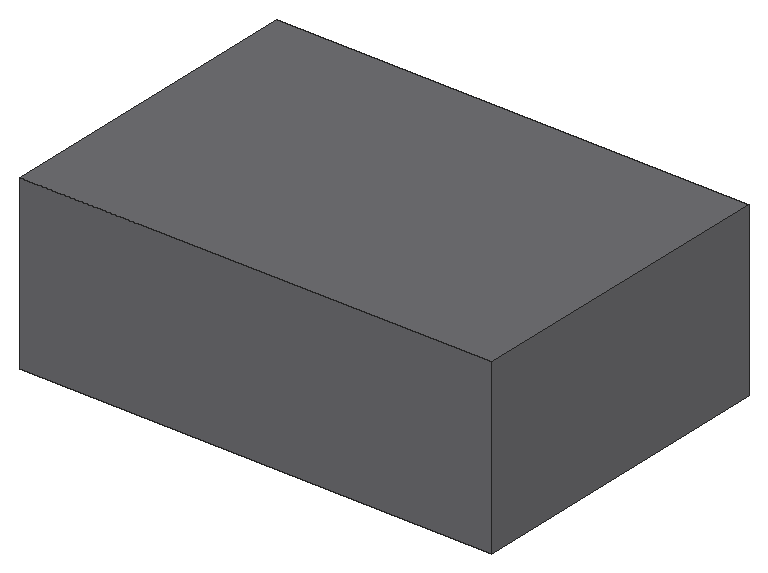
Revit family "BD_End Cap 800A", category Electrical Equipment, Revit 2025
Family settings
  Panel Configuration = Two Columns, Circuits Across
  Round Connector Dimension = Use Diameter
  Part Type = Panelboard
  OmniClass Number = 23.80.30.11.17
  OmniClass Title = Distribution Boards and Control Panels
  Work Plane-Based = No
  Always vertical = Yes
  Cut with Voids When Loaded = No
  Maintain Annotation Orientation = No
  Shared = No
  Room Calculation Point = No
Parameters (values of type "800A")
  built-in parameter 1140142 [instance] = -1
  built-in parameter 1140140 [instance] = 1 (stored number, unit not read)
  built-in parameter 1155100 [instance] = -1
  Default Elevation = 0 mm
Reference planes
  plane 1 "Center (Front/Back)": y = 0
  plane 2: z = 0
  plane 3 "Center (Left/Right)": x = 0
Forms (mm)
  Extrusion 1, solid, material "Busduct Joint - Dark Grey"
    sketch origin (0, 0, 0) x (1, 0, 0) y (0, 1, 0)
      loop
        line (-110, -75) -> (110, -75) -> (110, 75) -> (-110, 75) -> (-110, -75)
    from 0 to 80
Dimensions and locks
  aligned and locked: level to plane 2
